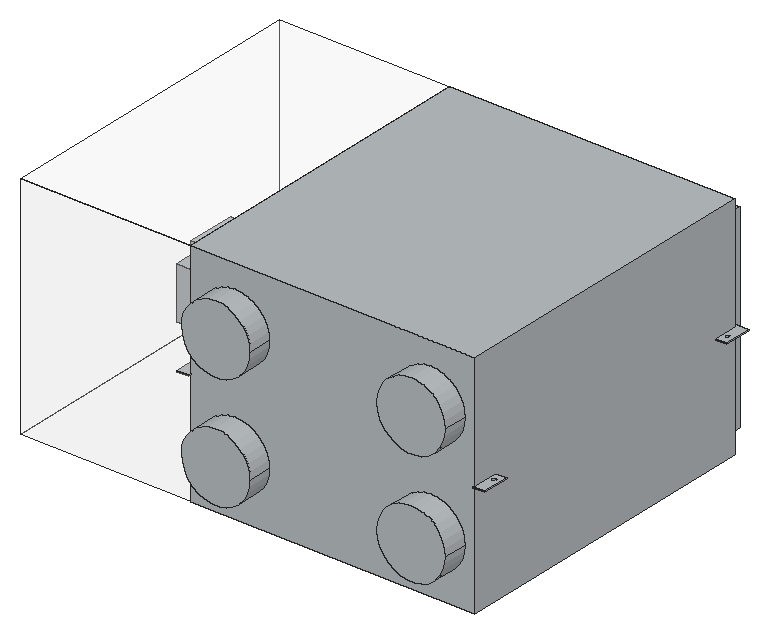
Revit family "4_天井埋込形 標準機種 200V_50Hz", category 機械設備, Revit 2019
Family settings
  丸型コネクタ寸法 = 直径を使用
  パーツ タイプ = 割り込み
  OmniClass 番号 = 23.75.10.34.21
  OmniClass タイトル = Heat Exchangers for Ventilation Air
  作業面ベース = いいえ
  常に垂直 = はい
  ロード時にボイドで切り取り = いいえ
  共有 = いいえ
  部屋計算ポイント = はい
Parameters (values of type "LGH-RN150RXVD")
  騒音レベル(dB(A)) = 38.5
  風量 = MAX風量  # 1500.0 m³/h
  面風速 = 8.5 m/s
  電源種別 [instance] = "一般"
  電圧 = 200 V
  電動機出力 = 0 W
  集中コントローラ = ""
  運転質量 = 0.00 kg
  連動 [instance] = ""
  質量 = if(製品質量 > 運転質量, 製品質量, 運転質量) * 1.2  # 128.40 kg
  負荷分類 = 3_ファン類
  説明 = "業務用ロスナイ 天井埋込形 DCリプレースマイコン"
  設計風量 = 0.0 m³/h
  設置方法 = "天井吊(隠ぺい)形"
  記号 [instance] = ""
  製造元 = "三菱電機株式会社"
  製品質量 = 107.00 kg
  製品出荷対象 = "国内"
  製品リリース年月 = "2020年7月20日"
  製品グループ = ""
  系統 [instance] = ""
  符号 [instance] = "HEU"
  積算_科目 = "1 空気調和設備"
  積算_拾い区分 [instance] = ""
  相 = 1
  盤記号 [instance] = ""
  発停方法 [instance] = "別売リモコン"
  特殊仕様 [instance] = ""
  点検口高さ = -Height / 2  # -404 mm
  点検口 = yes
  火災停止 [instance] = ""
  温度交換効率_特強 = 74.00%
  温度交換効率_強 = 74.00%
  温度交換効率_弱 = 76.50%
  消費電力 = 900 W
  法定耐用年数 = "15"
  機外静圧_排気 = 275.0 Pa
  機外静圧 = 275.0 Pa
  極数 = 3
  材質 [instance] = ""
  本体マテリアル = 溶融亜鉛めっき鋼板
  操作・制御方式 = ""
  操作・制御スイッチ = ""
  排気量 = 0.0 m³/h
  形式 = "天井埋込ダクト形"
  形名 = LGH-RN-4 : LGH-RN150-4
  幹線記号 [instance] = ""
  対象室 [instance] = ""
  始動方式 [instance] = "直入"
  外気量 = 設計風量  # 0.0 m³/h
  呼称 = "全熱交換ユニット"
  周波数 = 50 Hz
  吊りボルト-W = 1046 mm
  吊りボルト-D = 1030 mm
  参照している仕様書等のバージョン = ""
  初期抵抗 = 0.0 Pa
  分類コード = "50052504100070"
  分類グループ = ""
  価格 = 1040000
  企業コード = "108420"
  付属品_フィルター_還気 = ""
  付属品_フィルター = ""
  付属品 [instance] = ""
  仕様書バージョン = "Version1.0"
  モデル = "LGH-RN150RXVD"
  ドレン管径 = 0 mm
  ダクト径 = 242 mm
  サービススペース = yes
  コメント [instance] = ""
  Keynote = ""
  エンタルピ交換効率_暖房_特強 = 76.00%
  エンタルピ交換効率_暖房_強 = 76.00%
  エンタルピ交換効率_暖房_弱 = 78.50%
  エンタルピ交換効率_冷房_特強 = 66.00%
  エンタルピ交換効率_冷房_強 = 66.00%
  エンタルピ交換効率_冷房_弱 = 68.50%
  Width = 1004 mm
  Version = ""
  Uniclass2015Version = "Systems v1.9"
  Uniclass2015Title = "Thermal wheels"
  Uniclass2015Code = "Pr_60_60_36_88"
  URL = "https://www.mitsubishielectric.co.jp/ldg/wink/ssl/displayProduct.do?pid=306602"
  SpecificationReference = ""
  SpecificationDescription = ""
  SMAX風量 = 1500.0 m³/h
  SMAX静圧 = 275.0 Pa
  SAサイズ_D = 242 mm
  Revision = ""
  RAサイズ_D = 242 mm
  ProductInformation = ""
  OmniClassCode = "23-27 23 19 11"
  OAサイズ_W = 270 mm
  OAサイズ_D = 700 mm
  MIN風量 = 660.0 m³/h
  MIN静圧 = 47.0 Pa
  MID風量 = 1080.0 m³/h
  MID静圧 = 127.0 Pa
  MAX風量 = 1500.0 m³/h
  MAX静圧 = 245.0 Pa
  M2 = 49 mm
  M1 = 84 mm
  IfcTypeProduct = ""
  IfcProduct = ""
  IfcExportType = "ROTARYWHEEL"
  IfcExportAs = "IfcAirToAirHeatRecoveryType"
  Height = 808 mm
  EAサイズ_W = 270 mm
  EAサイズ_D = 700 mm
  Depth = 1144 mm
  Clearance Top = 0 mm  # constant formula
  Clearance Right = 0 mm  # constant formula
  Clearance Left = 600 mm  # constant formula
  Clearance Front = 0 mm  # constant formula
  Clearance Bottom = 0 mm  # constant formula
  Clearance Back = 0 mm  # constant formula
  Author = "三菱電機株式会社"
Types (2, lengths in mm): name | 騒音レベル(dB(A)) | 風量 | 面風速 | 質量 | 製品質量 | 温度交換効率_特強 | 温度交換効率_強 | 温度交換効率_弱 | 消費電力 | 機外静圧_排気 | 機外静圧 | 形名 | 吊りボルト-W | 価格 | モデル | エンタルピ交換効率_暖房_特強 | エンタルピ交換効率_暖房_強 | エンタルピ交換効率_暖房_弱 | エンタルピ交換効率_冷房_特強 | エンタルピ交換効率_冷房_強 | エンタルピ交換効率_冷房_弱 | Width | URL | SMAX風量 | SMAX静圧 | MIN風量 | MIN静圧 | MID風量 | MID静圧 | MAX風量 | MAX静圧
  LGH-RN150RXVD | 38.5 | 1500.0 m³/h | 8.5 m/s | 128.40 kg | 107.00 kg | 74.00% | 74.00% | 76.50% | 900 W | 275.0 Pa | 275.0 Pa | LGH-RN-4 : LGH-RN150-4 | 1046 | 1040000 | "LGH-RN150RXVD" | 76.00% | 76.00% | 78.50% | 66.00% | 66.00% | 68.50% | 1004 | "https://www.mitsubishielectric.co.jp/ldg/wink/ssl/displayProduct.do?pid=306602" | 1500.0 m³/h | 275.0 Pa | 660.0 m³/h | 47.0 Pa | 1080.0 m³/h | 127.0 Pa | 1500.0 m³/h | 245.0 Pa
  LGH-RN200RXVD | 41 | 2000.0 m³/h | 11.3 m/s | 140.40 kg | 117.00 kg | 73.00% | 73.00% | 75.00% | 1160 W | 225.0 Pa | 225.0 Pa | LGH-RN-4 : LGH-RN200-4 | 1273 | 1184000 | "LGH-RN200RXVD" | 75.00% | 75.00% | 76.50% | 65.00% | 65.00% | 67.50% | 1231 | "https://www.mitsubishielectric.co.jp/ldg/wink/ssl/displayProduct.do?pid=306605" | 2000.0 m³/h | 225.0 Pa | 880.0 m³/h | 32.0 Pa | 1440.0 m³/h | 86.0 Pa | 2000.0 m³/h | 165.0 Pa
Reference planes
  plane 1 "中心(正面/背面)": y = 0
  plane 2: z = 0
  plane 3 "中心(左/右)": x = 0
  plane 4 "4": x = 0
  plane 5 "3": x = 0
  plane 6 "左": x = -502
  plane 7 "右": x = 502
  plane 8 "背面": y = 572
  plane 9 "正面": y = -572
  plane 10: z = 404
  plane 11: y = 515
  plane 12: y = -515
  plane 13: x = 523
  plane 14: x = -523
  plane 15: z = -404
  plane 16: z = 404
  plane 17: z = -404
  plane 18: y = 572
  plane 19: x = 502
  plane 20: x = -1102
  plane 21: y = -572
  plane 22: y = 225
  plane 23: x = -652
  plane 24: y = -225
Dimensions and locks
  equal spacing: plane 6 "左", plane 5 "3", plane 7 "右"
  "Width": plane 6 "左" to plane 7 "右"
  equal spacing: plane 9 "正面", plane 1 "中心(正面/背面)", plane 8 "背面"
  "Depth": plane 9 "正面" to plane 8 "背面"
  equal spacing: plane 10, level, plane 15
  "Height": plane 10 to plane 15
  equal spacing: plane 14, plane 5 "3", plane 13
  "吊りボルト-W": plane 14 to plane 13
  equal spacing: plane 12, plane 1 "中心(正面/背面)", plane 11
  "吊りボルト-D": plane 12 to plane 11
  "Clearance Back": plane 8 "背面" to plane 18
  "Clearance Front": plane 21 to plane 9 "正面"
  "Clearance Right": plane 7 "右" to plane 19
  "Clearance Left": plane 20 to plane 6 "左"
  "Clearance Top": plane 16 to plane 10
  "Clearance Bottom": plane 15 to plane 17
  locked: plane 20 to plane 23 at 450
  equal spacing: plane 24, plane 1 "中心(正面/背面)", plane 22
  locked: plane 22 to plane 24 at 450
  aligned and locked: level to plane 2
  aligned and locked: nested 1 to plane 11
  aligned and locked: plane 12 to nested 1
  aligned and locked: plane 14 to nested 1
  aligned and locked: plane 13 to nested 1
  aligned and locked: plane 21 to nested 3
  aligned and locked: plane 20 to nested 3
  aligned and locked: plane 16 to nested 3
  aligned and locked: plane 17 to nested 3
  aligned and locked: plane 1 "中心(正面/背面)" to nested 2
  aligned and locked: nested 2 to plane 5 "3"
  aligned and locked: plane 18 to nested 3
  aligned and locked: plane 6 "左" to nested 3
  aligned and locked: plane 23 to nested 4
  aligned and locked: plane 20 to nested 4
  aligned and locked: nested 4 to plane 24
  aligned and locked: plane 22 to nested 4
Nested families
  nested 1: "固定点" at (-523, -515, 0), type "固定点"
    with W 1046 mm, D 1030 mm
  nested 2: "LGH-RN-4" at (0, 0, -404) x (0, -1, 0) z (0, 0, 1), type <- "形名", type "LGH-RN150-4"
  nested 3: "サービススペース" at (-802, 0, 0), visible <- "サービススペース", type "サービススペース"
    with Width 600 mm, Height 808 mm, Depth 1144 mm
  nested 4: "点検口設置範囲" at (-877, 0, -404), built-in parameter 1001364 <- "点検口高さ", visible <- "点検口", type "点検口設置範囲"
    with Width 450 mm, Depth 450 mm
Connectors
  hvac at (345, -656, 202), driven by "RAサイズ_D", driven by "機外静圧", driven by "風量"
    settings: on nested 2, index 1, duct flow 1500.0 m³/h, flow factor 0, pres drop 275.0 Pa, loss coef 0, conn angle 0.00°, conn width 304.8 mm, conn height 304.8 mm, conn diameter 242 mm, duct sys type 2, conn prof type 0, flow config 0, flow direction 1, loss method 4, conn ref index -1, conn util no, is conn primary yes, conn desc ""
  hvac at (345, -656, -202), driven by "RAサイズ_D", driven by "機外静圧", driven by "風量"
    settings: on nested 2, index 2, duct flow 1500.0 m³/h, flow factor 0, pres drop 275.0 Pa, loss coef 0, conn angle 0.00°, conn width 304.8 mm, conn height 304.8 mm, conn diameter 242 mm, duct sys type 2, conn prof type 0, flow config 0, flow direction 1, loss method 4, conn ref index -1, conn util no, is conn primary no, conn desc ""
  hvac at (-345, -656, 202), driven by "SAサイズ_D", driven by "機外静圧", driven by "風量"
    settings: on nested 2, index 3, duct flow 1500.0 m³/h, flow factor 0, pres drop 275.0 Pa, loss coef 0, conn angle 0.00°, conn width 304.8 mm, conn height 304.8 mm, conn diameter 242 mm, duct sys type 1, conn prof type 0, flow config 0, flow direction 2, loss method 4, conn ref index -1, conn util no, is conn primary no, conn desc ""
  hvac at (-345, -656, -202), driven by "SAサイズ_D", driven by "機外静圧", driven by "風量"
    settings: on nested 2, index 4, duct flow 1500.0 m³/h, flow factor 0, pres drop 275.0 Pa, loss coef 0, conn angle 0.00°, conn width 304.8 mm, conn height 304.8 mm, conn diameter 242 mm, duct sys type 1, conn prof type 0, flow config 0, flow direction 2, loss method 4, conn ref index -1, conn util no, is conn primary no, conn desc ""
  hvac at (345, 621, 0), driven by "機外静圧", driven by "排気量", driven by "EAサイズ_D", driven by "EAサイズ_W"
    settings: on nested 2, index 5, duct flow 0.0 m³/h, flow factor 0, pres drop 275.0 Pa, loss coef 0, conn angle 0.00°, conn width 270 mm, conn height 700 mm, conn diameter 609.6 mm, duct sys type 3, conn prof type 1, flow config 0, flow direction 2, loss method 4, conn ref index -1, conn util no, is conn primary no, conn desc ""
  hvac at (-345, 621, 0), driven by "機外静圧", driven by "外気量", driven by "OAサイズ_W", driven by "OAサイズ_D"
    settings: on nested 2, index 6, duct flow 0.0 m³/h, flow factor 0, pres drop 275.0 Pa, loss coef 0, conn angle 0.00°, conn width 270 mm, conn height 700 mm, conn diameter 609.6 mm, duct sys type 1, conn prof type 1, flow config 0, flow direction 1, loss method 4, conn ref index -1, conn util no, is conn primary no, conn desc ""
  electrical at (-559.5, -427, -18.5), driven by "極数", driven by "負荷分類", driven by "電圧", driven by "消費電力"
    settings: on nested 2, index 7, voltage 200 V, apparent load 900 VA, apparent load phase1 0 VA, apparent load phase2 0 VA, apparent load phase3 0 VA, power factor 1, load classification "3_ファン類", number of poles 3, system type 30, power factor state 1, is connector primary yes, connector utility no, sub classification motor no, connector description ""
Definition of nested family "LGH-RN-4"
  Parameters (values of type "LGH-RN150-4")
    吊りボルト-φ = 13 mm
    吊りボルト-W1 = 1030 mm
    吊りボルト-D1 = 1046 mm
    マテリアル = none
    ダクト間 = 690 mm
    ダクト-W = 270 mm
    ダクト-H = 700 mm
    コントロール手前位置 = 145 mm  # constant formula
    コントロール上位置 = 88 mm  # constant formula
    φ = 242 mm
    Φ = 258 mm
    吊りボルト-H = 0 mm
    M2 = 49 mm
    M1 = 84 mm
    W = 1144 mm
    H = 808 mm
    D = 1004 mm
    CO2センサー手前位置 = 176 mm  # constant formula
    CO2センサー上位置 = 201 mm  # constant formula
  Types (2, lengths in mm): name | 吊りボルト-D1 | ダクト間 | D
    LGH-RN200-4 | 1273 | 917 | 1231
    LGH-RN150-4 | 1046 | 690 | 1004
  Reference planes
    plane 1 "中心(正面/背面)": y = 0
    plane 2: z = 0
    plane 3 "中心(左/右)": x = 0
    plane 4: y = 502
    plane 5: y = 523
    plane 6: y = 543
    plane 7: y = -502
    plane 8: y = -523
    plane 9: y = -543
    plane 10: x = -572
    plane 11: x = 572
    plane 12: z = 404
    plane 13: x = -213
    plane 14: x = 656
    plane 15: x = -621
    plane 16: z = 202
    plane 17: y = 345
    plane 18: y = -345
    plane 19: x = -515
    plane 20: x = 515
    plane 21: x = 190.667
    plane 22: x = -190.667
    plane 23: y = -617
    plane 24: y = -692
    plane 25: x = 427
    plane 26: x = 381.333
    plane 27: x = 252
    plane 28: z = 336.667
    plane 29: z = 269.333
    plane 30: z = 134.667
    plane 31: z = 67.333
    plane 32: x = 396
    plane 33: x = 283
    plane 34: x = -581
    plane 35: x = 581
    plane 36: x = 485
    plane 37: x = -485
    plane 38: z = 404
    plane 39: z = 401
    plane 40: z = 606
    plane 41: z = 471.333
    plane 42: z = 538.667
    plane 43: z = 673.333
    plane 44: z = 740.667
    plane 45: z = 404
    plane 46: z = 808
    plane 47: y = 480
    plane 48: y = 210
    plane 49: y = -210
    plane 50: y = -480
    plane 51: z = 754
    plane 52: z = 54
    plane 53: z = 720
    plane 54: z = 607
    plane 55: z = 425
    plane 56: z = 51
  Forms (mm)
    Extrusion 1, solid, material <- "マテリアル", detail levels fine
      sketch origin (0, 0, 0) x (0, 1, 0) y (0, 0, -1)
        loop
          circle (-345, -202) r 121
        loop
          circle (345, -202) r 121
        loop
          circle (345, -606) r 121
        loop
          circle (-345, -606) r 121
      from -572 to -656
    Extrusion 2, solid, material <- "マテリアル", detail levels fine
      sketch origin (0, 0, 0) x (1, 0, 0) y (0, 1, 0)
        loop
          line (-581, 543) -> (-581, 502) -> (-485, 502) -> (-485, 543) -> (-581, 543)
        loop
          line (-581, -502) -> (-581, -543) -> (-485, -543) -> (-485, -502) -> (-581, -502)
        loop
          line (485, 543) -> (485, 502) -> (581, 502) -> (581, 543) -> (485, 543)
        loop
          line (485, -543) -> (581, -543) -> (581, -502) -> (485, -502) -> (485, -543)
        loop
          circle (-515, 523) r 6.5
        loop
          circle (515, 523) r 6.5
        loop
          circle (-515, -523) r 6.5
        loop
          circle (515, -523) r 6.5
      from 401 to 404
    Extrusion 3, solid, material <- "マテリアル", detail levels fine
      sketch origin (0, 0, 808) x (0, -1, 0) y (1, 0, 0)
        loop
          line (-502, -572) -> (502, -572) -> (502, 572) -> (-502, 572) -> (-502, -572)
      from 0 to -808
    Extrusion 4, solid, material <- "マテリアル", detail levels fine
      sketch origin (0, 0, 0) x (1, 0, 0) y (0, 0, 1)
        loop
          line (252, 720) -> (252, 51) -> (427, 51) -> (427, 720) -> (252, 720)
      from 502 to 617
    Extrusion 5, solid, material <- "マテリアル", detail levels fine
      sketch origin (0, 0, 0) x (1, 0, 0) y (0, 0, 1)
        loop
          line (283, 607) -> (283, 425) -> (396, 425) -> (396, 607) -> (283, 607)
      from 617 to 692
    Extrusion 6, solid, material <- "マテリアル", detail levels fine
      sketch origin (0, 0, 0) x (0, 1, 0) y (0, 0, 1)
        loop
          line (-210, 754) -> (-480, 754) -> (-480, 54) -> (-210, 54) -> (-210, 754)
        loop
          line (210, 754) -> (210, 54) -> (480, 54) -> (480, 754) -> (210, 754)
      from -621 to -572
  Dimensions and locks
    "W": plane 10 to plane 11
    "吊りボルト-D1": plane 8 to plane 5
    "D": plane 7 to plane 4
    equal spacing: plane 7, plane 1 "中心(正面/背面)", plane 4
    equal spacing: plane 10, plane 3 "中心(左/右)", plane 11
    "M2": plane 15 to plane 10
    "M1": plane 11 to plane 14
    equal spacing: plane 8, plane 1 "中心(正面/背面)", plane 5
    equal spacing: plane 18, plane 1 "中心(正面/背面)", plane 17
    "ダクト間": plane 18 to plane 17
    equal spacing: plane 19, plane 3 "中心(左/右)", plane 20
    "吊りボルト-W1": plane 19 to plane 20
    plane 15 to plane 14 = 1277 mm
    equal spacing: plane 10, plane 22, plane 21, plane 11
    plane 11 to plane 21 to plane 22 to plane 10 = 381.333 mm, 381.333 mm, 381.333 mm
    locked: plane 23 to plane 7 at 115
    locked: plane 24 to plane 7 at 190
    equal spacing: plane 12, plane 28, plane 29, plane 16, plane 30, plane 31, level
    locked: plane 5 to plane 6 at 20
    locked: plane 9 to plane 8 at 20
    locked: plane 38 to plane 39 at 3
    "吊りボルト-H": plane 12 to plane 38
    locked: plane 19 to plane 37 at 30
    locked: plane 36 to plane 20 at 30
    locked: plane 34 to plane 10 at 9
    locked: plane 11 to plane 35 at 9
    "H": plane 46 to level
    equal spacing: plane 46, plane 44, plane 43, plane 40, plane 42, plane 41, plane 12
    "吊りボルト-H": plane 45 to plane 12
    equal spacing: plane 48, plane 17, plane 47
    "ダクト-W": plane 48 to plane 47
    equal spacing: plane 50, plane 18, plane 49
    "ダクト-W": plane 50 to plane 49
    equal spacing: plane 51, plane 45, plane 52
    "ダクト-H": plane 51 to plane 52
    locked: plane 33 to plane 32 at 113
    locked: plane 27 to plane 25 at 175
    "CO2センサー手前位置": plane 32 to plane 11
    "コントロール手前位置": plane 25 to plane 11
    locked: plane 53 to plane 56 at 669
    "コントロール上位置": plane 46 to plane 53
    "CO2センサー上位置": plane 46 to plane 54
    locked: plane 54 to plane 55 at 182
    "φ": diameter of Extrusion 1 sketch curve  (x4)
    "吊りボルト-φ": diameter of Extrusion 2 sketch curve  (x4)
    aligned and locked: level to plane 2
    aligned and locked: plane 14 to Extrusion 1
    aligned and locked: plane 18 to Extrusion 1 sketch curve  (x2)
    aligned and locked: plane 16 to Extrusion 1 sketch curve  (x2)
    aligned and locked: plane 17 to Extrusion 1 sketch curve  (x2)
    aligned and locked: plane 6 to Extrusion 2 sketch curve  (x2)
    aligned and locked: plane 34 to Extrusion 2 sketch curve  (x2)
    aligned and locked: Extrusion 2 sketch curve to plane 4  (x2)
    aligned and locked: Extrusion 2 sketch curve to plane 37  (x2)
    aligned and locked: plane 7 to Extrusion 2 sketch curve
    aligned and locked: Extrusion 2 sketch curve to plane 9
    aligned and locked: Extrusion 2 sketch curve to plane 35
    aligned and locked: plane 9 to Extrusion 2 sketch curve
    aligned and locked: Extrusion 2 sketch curve to plane 7
    aligned and locked: plane 35 to Extrusion 2 sketch curve
    aligned and locked: plane 8 to Extrusion 2 sketch curve  (x2)
    aligned and locked: plane 5 to Extrusion 2 sketch curve  (x2)
    aligned and locked: plane 19 to Extrusion 2 sketch curve  (x2)
    aligned and locked: plane 20 to Extrusion 2 sketch curve  (x2)
    aligned and locked: Extrusion 2 to plane 39
    aligned and locked: plane 38 to Extrusion 2
    aligned and locked: Extrusion 2 sketch curve to plane 36  (x2)
    aligned and locked: Extrusion 3 to plane 46
    aligned and locked: plane 27 to Extrusion 4 sketch curve
    aligned and locked: plane 7 to Extrusion 4
    aligned and locked: plane 23 to Extrusion 4
    aligned and locked: plane 33 to Extrusion 5 sketch curve
    aligned and locked: Extrusion 5 sketch curve to plane 32
    aligned and locked: plane 23 to Extrusion 5
    aligned and locked: plane 24 to Extrusion 5
    aligned and locked: plane 40 to Extrusion 1 sketch curve  (x2)
    aligned and locked: plane 51 to Extrusion 6 sketch curve
    aligned and locked: Extrusion 6 sketch curve to plane 51
    aligned and locked: Extrusion 6 sketch curve to plane 52  (x2)
    aligned and locked: Extrusion 6 sketch curve to plane 47
    aligned and locked: Extrusion 6 sketch curve to plane 48
    aligned and locked: Extrusion 6 sketch curve to plane 49
    aligned and locked: Extrusion 6 sketch curve to plane 50
    aligned and locked: Extrusion 6 to plane 15
    aligned and locked: plane 10 to Extrusion 6
    aligned and locked: plane 55 to Extrusion 5 sketch curve
    aligned and locked: Extrusion 5 sketch curve to plane 54
    aligned and locked: Extrusion 4 sketch curve to plane 53
    aligned and locked: Extrusion 3 to level
    aligned and locked: Extrusion 4 to plane 56
    aligned and locked: Extrusion 1 to plane 11
  Automatic sketch dimensions
    plane 4 to Extrusion 3 sketch curve = 0 mm
    plane 7 to Extrusion 3 sketch curve = 0 mm
    Extrusion 3 sketch curve to plane 10 = 0 mm
    Extrusion 3 sketch curve to plane 11 = 0 mm
    Extrusion 4 sketch curve to plane 12 = 353 mm
    Extrusion 4 sketch curve to plane 25 = 0 mm
Definition of nested family "サービススペース"
  Parameters (values of type "サービススペース")
    Width [instance] = 500 mm
    Height [instance] = 500 mm
    Depth [instance] = 500 mm
  Reference planes
    plane 1 "中心(正面/背面)": y = 0
    plane 2: z = 0
    plane 3 "中心(左/右)": x = 0
    plane 4: y = -250
    plane 5: x = 250
    plane 6: y = 250
    plane 7: x = -250
    plane 8: z = 250
    plane 9: z = -250
  Forms (mm)
    Extrusion 1, solid
      sketch origin (-638.939, 0, 72.39) x (1, 0, 0) y (0, 1, 0)
        loop
          line (388.939, 250) -> (388.939, -250) -> (888.939, -250) -> (888.939, 250) -> (388.939, 250)
      from -322.39 to 177.61
  Lines and regions (mm)
    symbolic lines
      curve 1: line (-250, 0, 250) -> (250, 0, 250)
      curve 2: line (-250, 0, -250) -> (-250, 0, 250)
      curve 3: line (250, 0, -250) -> (-250, 0, -250)
      curve 4: line (250, 0, 250) -> (250, 0, -250)
      curve 5: line (0, -250, 250) -> (0, 250, 250)
      curve 6: line (0, -250, -250) -> (0, -250, 250)
      curve 7: line (0, 250, -250) -> (0, -250, -250)
      curve 8: line (0, 250, 250) -> (0, 250, -250)
      curve 9: line (-250, 250, 0) -> (250, 250, 0)
      curve 10: line (-250, -250, 0) -> (-250, 250, 0)
      curve 11: line (250, -250, 0) -> (-250, -250, 0)
      curve 12: line (250, 250, 0) -> (250, -250, 0)
  Dimensions and locks
    equal spacing: plane 7, plane 3 "中心(左/右)", plane 5
    equal spacing: plane 4, plane 1 "中心(正面/背面)", plane 6
    "Depth": plane 4 to plane 6
    "Width": plane 7 to plane 5
    equal spacing: plane 8, plane 2, plane 9
    "Height": plane 8 to plane 9
    aligned and locked: plane 9 to curve 3
    aligned and locked: plane 7 to curve 2
    aligned and locked: curve 4 to plane 5
    aligned and locked: plane 5 to Extrusion 1
    aligned and locked: Extrusion 1 to plane 7
    aligned and locked: Extrusion 1 to plane 9
    aligned and locked: plane 8 to Extrusion 1
    aligned and locked: plane 9 to curve 7
  Automatic sketch dimensions
    plane 4 to Extrusion 1 sketch curve = 0 mm
    Extrusion 1 sketch curve to plane 7 = 0 mm
    Extrusion 1 sketch curve to plane 5 = 0 mm
    plane 6 to Extrusion 1 sketch curve = 0 mm
    curve 2 to plane 8 = 0 mm
    plane 4 to curve 11 = 0 mm
    curve 11 to plane 7 = 0 mm
    curve 11 to plane 5 = 0 mm
    plane 6 to curve 10 = 0 mm
    curve 7 to plane 4 = 0 mm
    curve 7 to plane 6 = 0 mm
    curve 6 to plane 8 = 0 mm
Definition of nested family "固定点"
  Parameters (values of type "固定点")
    中心円 = 11 mm
    W [instance] = 1000 mm
    D [instance] = 1000 mm
  Reference planes
    plane 1 "中心(正面/背面)": y = 0
    plane 2: z = 0
    plane 3 "中心(左/右)": x = 0
    plane 4: x = 1000
    plane 5: y = 1000
  Lines and regions (mm)
    symbolic lines, detail levels fine
      curve 1: circle (0, 1000, 0) r 5.5 normal (0, 0, 1)
      curve 2: circle (0, 0, 0) r 5.5 normal (0, 0, 1)
      curve 3: circle (1000, 1000, 0) r 5.5 normal (0, 0, 1)
      curve 4: circle (1000, 0, 0) r 5.5 normal (0, 0, 1)
      curve 5: line (-200, 1000, 0) -> (1200, 1000, 0)
      curve 6: line (-200, 0, 0) -> (1200, 0, 0)
      curve 7: line (0, 1200, 0) -> (0, -200, 0)
      curve 8: line (1000, 1200, 0) -> (1000, -200, 0)
  Dimensions and locks
    "W": plane 3 "中心(左/右)" to plane 4
    "D": plane 1 "中心(正面/背面)" to plane 5
    "中心円": diameter of curve 1
    "中心円": diameter of curve 2
    "中心円": diameter of curve 3
    "中心円": diameter of curve 4
    aligned and locked: level to plane 2
    aligned and locked: plane 5 to curve 1
    aligned and locked: plane 3 "中心(左/右)" to curve 1
    aligned and locked: plane 3 "中心(左/右)" to curve 2
    aligned and locked: plane 1 "中心(正面/背面)" to curve 2
    aligned and locked: plane 4 to curve 3
    aligned and locked: plane 5 to curve 3
    aligned and locked: plane 1 "中心(正面/背面)" to curve 4
    aligned and locked: plane 4 to curve 4
    aligned and locked: plane 1 "中心(正面/背面)" to curve 6
    aligned and locked: curve 7 to plane 3 "中心(左/右)"
    aligned and locked: curve 8 to plane 4
  Automatic sketch dimensions
    curve 5 to plane 5 = 0 mm
    curve 6 to plane 3 "中心(左/右)" = 200 mm
    curve 5 to plane 3 "中心(左/右)" = 200 mm
    curve 4 to curve 6 = 200 mm
    curve 3 to curve 5 = 200 mm
    plane 1 "中心(正面/背面)" to curve 8 = 200 mm
    plane 1 "中心(正面/背面)" to curve 7 = 200 mm
    curve 3 to curve 8 = 200 mm
    curve 1 to curve 7 = 200 mm
Definition of nested family "点検口設置範囲"
  Parameters (values of type "点検口設置範囲")
    Width [instance] = 1000 mm
    Depth [instance] = 700 mm
  Reference planes
    plane 1 "中心(正面/背面)": y = 0
    plane 2: z = 0
    plane 3 "中心(左/右)": x = 0
    plane 4: x = -500
    plane 5: x = 500
    plane 6: y = -350
    plane 7: y = 350
  Lines and regions (mm)
    model lines
      curve 1: line (-500, 350, 0) -> (500, 350, 0)
      curve 2: line (-500, -350, 0) -> (-500, 350, 0)
      curve 3: line (500, -350, 0) -> (-500, -350, 0)
      curve 4: line (500, 350, 0) -> (500, -350, 0)
  Dimensions and locks
    "Depth": plane 7 to plane 6
    "Width": plane 4 to plane 5
    equal spacing: plane 7, plane 1 "中心(正面/背面)", plane 6
    equal spacing: plane 4, plane 3 "中心(左/右)", plane 5
    aligned and locked: level to plane 2
    aligned and locked: plane 4 to curve 2
    aligned and locked: curve 1 to plane 7
    aligned and locked: curve 4 to plane 5
    aligned and locked: plane 6 to curve 3
